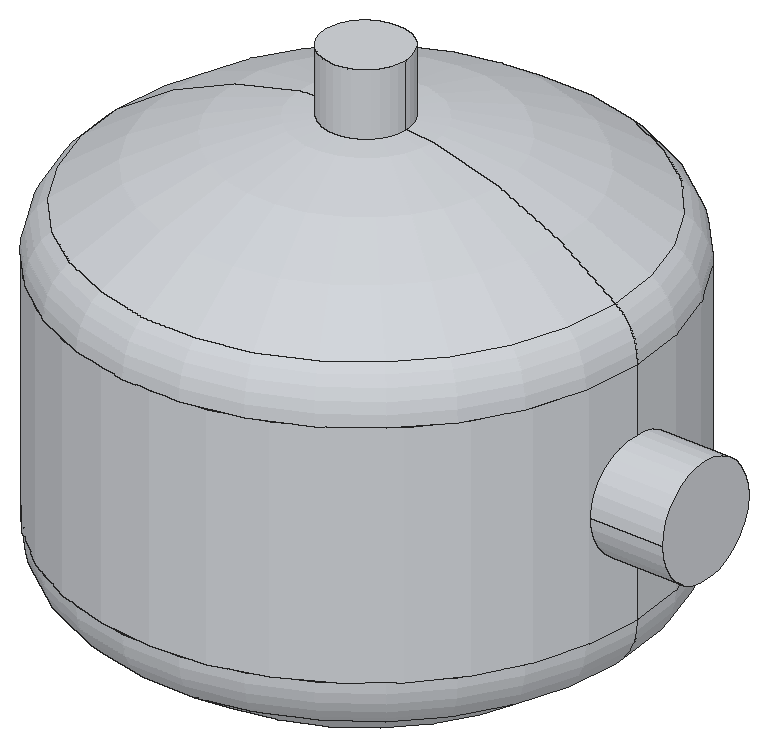
Revit family
Parameters (values of type "ST-5-C 150# W.P. 10 BAR")
  Weight = "21 lbs"
  Tank Volume = "2.1 Gal"
  Tank Only = 9.250"
  Tank Height/Length = 10.375"
  Tank Diameter = 10.000"
  Pipe Connector Diameter = Pipe Connection Radius * 2  # 0.750"
  Pipe Connection Radius = 0.375"
  Model = "ST-5-C"
  Maximum Acceptance Volume = ".882 Gal"
  Max Operating Temp = "240 DEG F"
  Max Operating Pressure = "150 PSI"
  Manufacturer = "Amtrol"
  Coupling Centerline Location = Tank Only / 2  # 4.625"
  Bladder/Diaphragm = "Diaphragm"
  ASME = yes
Types (5): name | Max Operating Pressure
  (no name) | "150 PSI"
  ST-5-C 150# W.P. 10 BAR | "150 PSI"
  ST-5-C 175# W.P. | "175 PSI"
  ST-5-C 250# W.P. | "250 PSI"
  ST-5-C 300# W.P. | "300 PSI"
Reference planes (in)
  plane 1 "Center (Front/Back)": y = 1.73013
  plane 2: z = 0
  plane 3 "Center (Left/Right)": x = 0.75265
Forms (in)
  Revolve 1, solid
    sketch origin (0.77324, 1.73013, 0.03222) x (1, 0, 0) y (0, 0, 1)
      loop
        arc (0, 0) -> (2.46726, 0.41288) -> (4.66569, 1.60653) r 7.57833
        arc (4.66569, 1.60653) -> (4.97571, 1.99628) -> (5.075, 2.4843) r 1.06667
        line (5.075, 2.4843) -> (5.075, 6.7657)
        arc (5.075, 6.7657) -> (4.97571, 7.25372) -> (4.66569, 7.64347) r 1.06667
        arc (4.66569, 7.64347) -> (2.46726, 8.83712) -> (0, 9.25) r 7.57833
        line (0, 9.25) -> (0, 0)
      axis (0, 0) -> (0, 9.25)
    angle from 0 to 360
  Extrusion 2, solid
    sketch origin (0, 0, 0) x (1, 0, 0) y (0, 1, 0)
      loop
        circle (0.75265, 1.73013) r 0.75
    from 6.79792 to 10.375
  Extrusion 3, solid
    sketch origin (0.75265, 0, 0) x (0, 1, 0) y (0, 0, 1)
      loop
        circle (1.73013, 4.625) r 1
    from 4.40887 to 6.37044
Dimensions and locks (in)
  "Tank Only": Revolve 1 sketch curve to Revolve 1 sketch curve
  "Tank Height/Length": Extrusion 2 to level
  "Coupling Centerline Location": Extrusion 3 sketch curve to level
Automatic sketch dimensions
  level to Revolve 1 sketch curve = 0.03222"  (x2)
  plane 3 "Center (Left/Right)" to Revolve 1 sketch curve = 0.02059"
  Revolve 1 sketch curve to Revolve 1 sketch curve = 0.000"  (x3)
  plane 3 "Center (Left/Right)" to Revolve 1 sketch curve = 4.02957"  (x2)
  Revolve 1 sketch curve to Revolve 1 sketch curve = 0.65671"  (x2)
  Revolve 1 sketch curve to Revolve 1 sketch curve = 0.40931"
  level to Revolve 1 sketch curve = 1.63874"
  Revolve 1 sketch curve to Revolve 1 sketch curve = 1.67167"
  Revolve 1 sketch curve to Revolve 1 sketch curve = 3.250"
  plane 1 "Center (Front/Back)" to Extrusion 2 sketch curve = 0.000"
  Extrusion 2 sketch curve to plane 3 "Center (Left/Right)" = 0.000"
  Extrusion 3 sketch curve to plane 1 "Center (Front/Back)" = 0.000"
  radius of Extrusion 2 sketch curve = 0.750"
  radius of Extrusion 3 sketch curve = 1.000"
Connectors (in)
  piping at (0.75265, 1.73013, 10.375), driven by "Pipe Connection Radius"
    settings: on Extrusion 2, index 1
